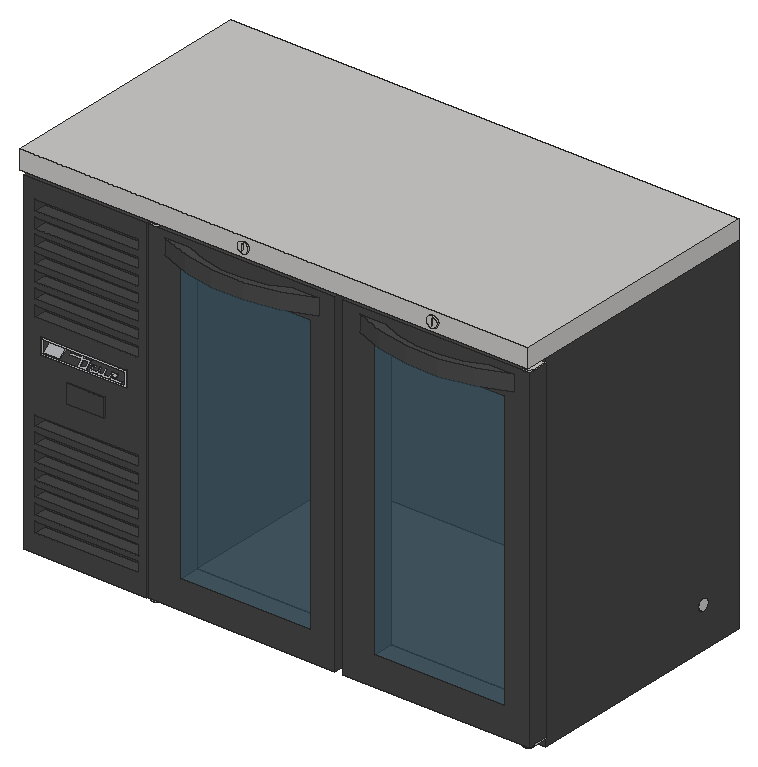
Revit family "QF_TRUE_TBR48-RISZ1-L-B-GG-1", category Specialty Equipment, Revit 2016 (continued)
Definition of nested family "CASTORS & LEGS"
  Definition of nested family "3 INCHES 01_CASTER"
    Forms (in)
      Extrusion 4, solid, visible <- "3 Inches Caster"
        from 2.74918 to 2.90825
      Extrusion 5, solid, visible <- "3 Inches Caster"
        sketch origin (1.98481, 1.35294, -1.7541) x (0, 1, 0) y (0, 0, -1)
          loop
            line (-2.29494, -4.51276) -> (-0.41094, -4.51276) -> (-0.41094, -4.36793)
            arc (-0.41094, -4.36793) -> (-0.15272, -4.31043) -> (0.09371, -4.21426) r 1.73151
            line (0.09371, -4.21426) -> (0.01201, -4.0729)
            arc (0.01201, -4.0729) -> (0.27353, -3.92569) -> (0.51314, -3.745) r 2.25036
            line (0.51314, -3.745) -> (0.4279, -3.62699)
            arc (0.4279, -3.62699) -> (-0.07302, -3.38916) -> (-0.34077, -2.90358) r 0.90376
            arc (-0.34077, -2.90358) -> (-0.35491, -2.84407) -> (-0.37393, -2.78593) r 0.74034
            arc (-0.37393, -2.78593) -> (-0.77704, -2.49744) -> (-1.19616, -2.76214) r 0.44401
            arc (-1.19616, -2.76214) -> (-1.27304, -2.98711) -> (-1.3103, -3.22193) r 1.38462
            arc (-1.3103, -3.22193) -> (-1.58796, -3.87196) -> (-2.2074, -4.21244) r 1.0835
            line (-2.2074, -4.21244) -> (-2.29494, -4.21244) -> (-2.29494, -4.51276)
        from 2.74918 to 2.90825
    Cuts and joins
      joined: Extrusion 2, Extrusion 4, Extrusion 5
    Lines and regions (in)
      symbolic lines, visible <- "3 Inches Caster"
        curve 1: line (0.1877, 1.65194, 0) -> (0.89063, 1.2461, 0)
        curve 2: line (-1.00175, -0.40823, 0) -> (0.1877, 1.65194, 0)
        curve 3: line (-0.29881, -0.81407, 0) -> (-1.00175, -0.40823, 0)
        curve 4: line (0.89063, 1.2461, 0) -> (-0.29881, -0.81407, 0)
    Dimensions and locks (in)
      plane 4 "TOP" to level = 3 1/8"  (x2)
      aligned and locked: level to plane 1
  Definition of nested family "HATCO_4 INCHES_CASTER"
    Parameters (values of type "HATCO_4 INCHES_CASTER")
      URL Manufacturer = ""
      URL Cutsheet = ""
      URL = ""
      Type Mark [instance] = ""
      Specification by User [instance] = ""
      Specification by Manufacturer = ""
      Serial Number = ""
      Seismic Rating = ""
      SMACNA No = ""
      Revision Code [instance] = ""
      Omniclass Number and Title = ""
      NAFEM Spec ID Number = ""
      Model = ""
      Manufacturer = ""
      Item Number [instance] = ""
      Installed By [instance] = ""
      Identify Quantity as Lot [instance] = yes
      Furnished By [instance] = ""
      Foodservice Equipment Identifier [instance] = yes
      Description = ""
      CSI MasterFormat = ""
      CSI Master Format = ""
      Assembly Code = ""
      Show 4 Inches Caster [instance] = yes
    Reference planes (in)
      plane 1: z = 0
      plane 2 "RIGHT": x = 0
      plane 3 "FRONT": y = 0
      plane 4 "TOP": z = 4
    Forms (in)
      Revolve 1, solid, visible <- "Show 4 Inches Caster"
        sketch origin (-1.93794, 0.83816, -1.0041) x (1, 0, 0) y (0, 0, 1)
          loop
            line (0.74055, 2.5041) -> (3.15007, 2.5041) -> (3.15007, 2.5796) -> (3.10007, 2.6296) -> (3.04007, 2.6296) -> (3.04007, 2.74967) -> (2.62438, 2.74967) -> (2.62438, 2.93884) -> (2.48438, 3.01967) -> (2.45908, 3.17597) -> (2.51563, 3.17597) -> (2.51563, 3.41035) -> (2.48438, 3.41035) -> (2.48438, 4.0041) -> (1.375, 4.0041) -> (1.375, 3.41035) -> (1.34375, 3.41035) -> (1.34375, 3.17597) -> (1.4003, 3.17597) -> (1.37557, 3.02318) -> (1.235, 2.94202) -> (1.235, 2.74967) -> (0.85055, 2.74967) -> (0.85055, 2.6296) -> (0.79055, 2.6296) -> (0.74055, 2.5796) -> (0.74055, 2.5041)
          axis (0.74055, 2.5041) -> (3.15007, 2.5041)
        angle from 0 to 360
      Extrusion 2, solid, visible <- "Show 4 Inches Caster"
        sketch origin (-1.93794, 1.80294, -1.7541) x (0, 1, 0) y (0, 0, 1)
          loop
            line (-3.08794, 5.33423) -> (-3.08794, 5.00584) -> (-2.69466, 5.00584)
            arc (-2.69466, 5.00584) -> (-1.57175, 4.94895) -> (-0.46376, 4.75787) r 9.36411
            arc (-0.46376, 4.75787) -> (-0.05889, 4.58436) -> (0.28335, 4.30705) r 1.60049
            line (0.28335, 4.30705) -> (0.34449, 4.39437)
            arc (0.34449, 4.39437) -> (0.12713, 4.6163) -> (-0.1239, 4.79931) r 1.8753
            line (-0.1239, 4.79931) -> (-0.05749, 4.91421)
            arc (-0.05749, 4.91421) -> (-0.33807, 5.05694) -> (-0.64294, 5.13542) r 1.44292
            line (-0.64294, 5.13542) -> (-0.64294, 5.33423) -> (-3.08794, 5.33423)
        from 1.1267 to 2.74918
      Revolve 3, solid, visible <- "Show 4 Inches Caster"
        sketch origin (0, 2.15543, -2.25) x (0, 1, 0) y (0, 0, 1)
          loop
            line (-2.21793, 6.25) -> (-2.21793, 5.83014) -> (-1.05793, 5.83014) -> (-1.05793, 6.25) -> (-2.21793, 6.25)
          axis (-2.21793, 5.83014) -> (-2.21793, 6.25)
        angle from 0 to 360
      Extrusion 4, solid, visible <- "Show 4 Inches Caster"
        sketch origin (-1.93794, 1.80294, -1.7541) x (0, 1, 0) y (0, 0, 1)
          loop
            line (-3.08794, 5.33423) -> (-3.08794, 5.00584) -> (-2.8913, 5.00584)
            arc (-2.8913, 5.00584) -> (-2.09118, 4.14057) -> (-1.45681, 3.14736) r 6.63355
            arc (-1.45681, 3.14736) -> (-0.85703, 2.75969) -> (-0.4561, 3.35069) r 0.5107
            arc (-0.4561, 3.35069) -> (-0.27092, 3.92503) -> (0.24034, 4.24562) r 0.88136
            line (0.24034, 4.24562) -> (0.34449, 4.39437)
            arc (0.34449, 4.39437) -> (0.12713, 4.6163) -> (-0.1239, 4.79931) r 1.8753
            line (-0.1239, 4.79931) -> (-0.05749, 4.91421)
            arc (-0.05749, 4.91421) -> (-0.33807, 5.05694) -> (-0.64294, 5.13542) r 1.44292
            line (-0.64294, 5.13542) -> (-0.64294, 5.33423) -> (-3.08794, 5.33423)
        from 2.74918 to 2.90825
      Extrusion 5, solid, visible <- "Show 4 Inches Caster"
        sketch origin (1.93794, 1.80294, -1.7541) x (0, 1, 0) y (0, 0, -1)
          loop
            line (-3.08794, -5.33423) -> (-0.64294, -5.33423) -> (-0.64294, -5.13542)
            arc (-0.64294, -5.13542) -> (-0.33807, -5.05694) -> (-0.05749, -4.91421) r 1.44292
            line (-0.05749, -4.91421) -> (-0.1239, -4.79931)
            arc (-0.1239, -4.79931) -> (0.12713, -4.6163) -> (0.34449, -4.39437) r 1.8753
            line (0.34449, -4.39437) -> (0.24034, -4.24562)
            arc (0.24034, -4.24562) -> (-0.27092, -3.92503) -> (-0.4561, -3.35069) r 0.88136
            arc (-0.4561, -3.35069) -> (-0.85703, -2.75969) -> (-1.45681, -3.14736) r 0.5107
            arc (-1.45681, -3.14736) -> (-2.09118, -4.14057) -> (-2.8913, -5.00584) r 6.63355
            line (-2.8913, -5.00584) -> (-3.08794, -5.00584) -> (-3.08794, -5.33423)
        from 2.74918 to 2.90825
    Cuts and joins
      joined: Extrusion 2, Extrusion 4, Extrusion 5
    Lines and regions (in)
      symbolic lines, visible <- "Show 4 Inches Caster"
        curve 1: line (0.28481, 2.83041, 0) -> (1.24556, 2.27572, 0)
        curve 2: line (-1.26206, 0.15114, 0) -> (-0.69281, 1.13711, 0)
        curve 3: line (-0.30132, -0.40355, 0) -> (-1.26206, 0.15114, 0)
        curve 4: line (1.24556, 2.27572, 0) -> (0.69868, 1.3285, 0)
        curve 5: line (-0.2461, 1.91084, 0) -> (0.28481, 2.83041, 0)
        curve 6: line (0.19868, 0.46248, 0) -> (-0.30132, -0.40355, 0)
    Dimensions and locks (in)
      plane 4 "TOP" to level = 4"  (x2)
      aligned and locked: level to plane 1
  Definition of nested family "5 INCHES 01_CASTER"
    Parameters (values of type "5 INCHES 01_CASTER")
      Weight = ""
      URL Manufacturer = ""
      URL Cutsheet = ""
      URL = ""
      Type Mark [instance] = ""
      Specification by User [instance] = ""
      Specification by Manufacturer = ""
      Show 5" Casters [instance] = yes
      Serial Number = ""
      Seismic Rating = ""
      SMACNA No = ""
      Revision Code [instance] = ""
      Omniclass Number and Title = ""
      NAFEM Spec ID Number = ""
      Model = ""
      MasterSpec. = ""
      Manufacturer = ""
      Key Locks [instance] = yes
      Item Number [instance] = ""
      Installed By [instance] = ""
      Identify Quantity as Lot [instance] = yes
      Furnished By [instance] = ""
      Foodservice Equipment Identifier [instance] = yes
      Description = ""
      CSI MasterFormat = ""
      CSI Master Format = ""
      Assembly Code = ""
    Reference planes (in)
      plane 1: z = 0
      plane 2 "RIGHT": x = 0
      plane 3 "FRONT": y = 0
      plane 4 "TOP": z = 5
    Forms (in)
      Revolve 1, solid, visible <- "Show 5" Casters"
        sketch origin (-1.93794, 0.99859, -1.0041) x (1, 0, 0) y (0, 0, 1)
          loop
            line (0.74055, 3.0041) -> (0.74055, 2.9286) -> (0.79055, 2.8786) -> (0.85055, 2.8786) -> (0.85055, 2.75852) -> (1.235, 2.75852) -> (1.235, 2.56618) -> (1.37557, 2.48502) -> (1.49133, 1.76972) -> (1.34375, 1.76972) -> (1.34375, 1.53535) -> (1.375, 1.53535) -> (1.375, 1.0041) -> (2.48438, 1.0041) -> (2.48438, 1.53535) -> (2.51563, 1.53535) -> (2.51563, 1.76972) -> (2.36805, 1.76972) -> (2.48438, 2.48853) -> (2.62438, 2.56936) -> (2.62438, 2.75852) -> (3.04007, 2.75852) -> (3.04007, 2.8786) -> (3.10007, 2.8786) -> (3.15007, 2.9286) -> (3.15007, 3.0041) -> (0.74055, 3.0041)
          axis (0.74055, 3.0041) -> (3.15007, 3.0041)
        angle from 0 to 360
      Extrusion 2, solid, visible <- "Show 5" Casters"
        sketch origin (-1.93794, 1.96337, -0.7541) x (0, 1, 0) y (0, 0, 1)
          loop
            line (-3.37739, 5.33423) -> (-3.37739, 4.92712) -> (-2.49294, 4.92712)
            arc (-2.49294, 4.92712) -> (-1.47209, 4.91752) -> (-0.46376, 4.75787) r 6.92153
            arc (-0.46376, 4.75787) -> (0.14199, 4.53396) -> (0.67481, 4.16904) r 2.62713
            line (0.67481, 4.16904) -> (0.7876, 4.33012)
            arc (0.7876, 4.33012) -> (0.48098, 4.5674) -> (0.13288, 4.73811) r 1.91675
            line (0.13288, 4.73811) -> (0.21197, 4.87494)
            arc (0.21197, 4.87494) -> (-0.1576, 5.02102) -> (-0.54934, 5.08775) r 1.91675
            line (-0.54934, 5.08775) -> (-0.54934, 5.33423) -> (-3.37739, 5.33423)
        from 1.17357 to 2.70231
      Revolve 3, solid, visible <- "Show 5" Casters"
        sketch origin (0, 2.15543, -1.25) x (0, 1, 0) y (0, 0, 1)
          loop
            line (-2.21793, 6.25) -> (-2.21793, 5.83014) -> (-1.05793, 5.83014) -> (-1.05793, 6.25) -> (-2.21793, 6.25)
          axis (-2.21793, 5.83014) -> (-2.21793, 6.25)
        angle from 0 to 360
      Extrusion 4, solid, visible <- "Show 5" Casters"
        sketch origin (-1.98481, 1.96337, -0.7541) x (0, 1, 0) y (0, 0, 1)
          loop
            line (-3.37739, 5.33423) -> (-3.37739, 4.92712) -> (-3.13361, 4.92712)
            arc (-3.13361, 4.92712) -> (-2.12623, 3.92533) -> (-1.55834, 2.62307) r 3.79122
            arc (-1.55834, 2.62307) -> (-0.81477, 2.14247) -> (-0.31772, 2.87515) r 0.63314
            arc (-0.31772, 2.87515) -> (-0.02244, 3.67728) -> (0.68637, 4.15498) r 1.39003
            line (0.68637, 4.15498) -> (0.7876, 4.33012)
            arc (0.7876, 4.33012) -> (0.48098, 4.5674) -> (0.13288, 4.73811) r 1.91675
            line (0.13288, 4.73811) -> (0.21197, 4.87494)
            arc (0.21197, 4.87494) -> (-0.1576, 5.02102) -> (-0.54934, 5.08775) r 1.91675
            line (-0.54934, 5.08775) -> (-0.54934, 5.33423) -> (-3.37739, 5.33423)
        from 2.74918 to 2.90825
      Extrusion 5, solid, visible <- "Show 5" Casters"
        sketch origin (1.98481, 1.96337, -0.7541) x (0, 1, 0) y (0, 0, -1)
          loop
            line (-3.37739, -5.33423) -> (-0.54934, -5.33423) -> (-0.54934, -5.08775)
            arc (-0.54934, -5.08775) -> (-0.1576, -5.02102) -> (0.21197, -4.87494) r 1.91675
            line (0.21197, -4.87494) -> (0.13288, -4.73811)
            arc (0.13288, -4.73811) -> (0.48098, -4.5674) -> (0.7876, -4.33012) r 1.91675
            line (0.7876, -4.33012) -> (0.68637, -4.15498)
            arc (0.68637, -4.15498) -> (-0.02244, -3.67728) -> (-0.31772, -2.87515) r 1.39003
            arc (-0.31772, -2.87515) -> (-0.81477, -2.14247) -> (-1.55834, -2.62307) r 0.63314
            arc (-1.55834, -2.62307) -> (-2.12623, -3.92533) -> (-3.13361, -4.92712) r 3.79122
            line (-3.13361, -4.92712) -> (-3.37739, -4.92712) -> (-3.37739, -5.33423)
        from 2.74918 to 2.90825
    Cuts and joins
      joined: Extrusion 2, Extrusion 4, Extrusion 5
    Lines and regions (in)
      symbolic lines, visible <- "Show 5" Casters"
        curve 1: line (0.54262, 2.21348, 0) -> (1.50337, 1.65879, 0)
        curve 2: line (-1.45738, -1.25062, 0) -> (-0.70738, 0.04842, 0)
        curve 3: line (-0.49663, -1.80531, 0) -> (-1.45738, -1.25062, 0)
        curve 4: line (1.50337, 1.65879, 0) -> (0.75337, 0.35975, 0)
        curve 5: line (-0.20738, 0.91444, 0) -> (0.54262, 2.21348, 0)
        curve 6: line (0.25337, -0.50627, 0) -> (-0.49663, -1.80531, 0)
    Dimensions and locks (in)
      plane 4 "TOP" to level = 5"  (x2)
      aligned and locked: level to plane 1
  Definition of nested family "7-8 INCHES_CASTER"
    Parameters (values of type "7-8 INCHES_CASTER")
      Weight = ""
      URL Manufacturer = ""
      URL Cutsheet = ""
      URL = ""
      Type Mark [instance] = ""
      Specification by User [instance] = ""
      Specification by Manufacturer = ""
      Serial Number = ""
      Seismic Rating = ""
      SMACNA No = ""
      Revision Code [instance] = ""
      Omniclass Number and Title = ""
      NAFEM Spec ID Number = ""
      Model = ""
      MasterSpec. = ""
      Manufacturer = ""
      Item Number [instance] = ""
      Installed By [instance] = ""
      Identify Quantity as Lot [instance] = yes
      Furnished By [instance] = ""
      Foodservice Equipment Identifier [instance] = yes
      Description = ""
      CSI MasterFormat = ""
      CSI Master Format = ""
      Assembly Code = ""
      2.5 Inches Caster [instance] = yes
    Reference planes (in)
      plane 1: z = 0
      plane 2 "RIGHT": x = 0
      plane 3 "FRONT": y = 0
      plane 4 "TOP": z = 2.125
      plane 5: z = 0.875
    Forms (in)
      Revolve 1, solid, visible <- "2.5 Inches Caster"
        sketch origin (-1.93794, 0.16358, -1.0041) x (1, 0, 0) y (0, 0, 1)
          loop
            line (2.21963, 1.0041) -> (2.21963, 1.07441) -> (2.16308, 1.07441) -> (2.17665, 1.15827) -> (2.27369, 1.21429) -> (2.27369, 1.29531) -> (1.60219, 1.29531) -> (1.60219, 1.21429) -> (1.69923, 1.15827) -> (1.7128, 1.07441) -> (1.65625, 1.07441) -> (1.65625, 1.0041) -> (2.21963, 1.0041)
          axis (2.27369, 1.29531) -> (1.60219, 1.29531)
        angle from 0 to 360
      Extrusion 2, solid, visible <- "2.5 Inches Caster"
        sketch origin (-1.93794, 1.43296, -4.66527) x (0, 1, 0) y (0, 0, 1)
          loop
            line (-1.16673, 5.3791) -> (-1.71584, 5.3791) -> (-1.71584, 5.33314) -> (-1.62354, 5.33314)
            arc (-1.62354, 5.33314) -> (-1.55924, 5.29737) -> (-1.50495, 5.24769) r 0.31579
            line (-1.50495, 5.24769) -> (-0.93687, 5.24769)
            arc (-0.93687, 5.24769) -> (-0.98865, 5.28224) -> (-1.04346, 5.31172) r 0.65588
            line (-1.04346, 5.31172) -> (-1.01965, 5.35291)
            arc (-1.01965, 5.35291) -> (-1.09203, 5.3725) -> (-1.16673, 5.3791) r 0.4262
        from 1.60219 to 2.27369
      Revolve 3, solid, visible <- "2.5 Inches Caster"
        sketch origin (0, 1.73858, -5) x (0, 1, 0) y (0, 0, 1)
          loop
            line (-1.73858, 5.71382) -> (-1.35578, 5.71382) -> (-1.35578, 5.875) -> (-1.73858, 5.875) -> (-1.73858, 5.71382)
          axis (-1.73858, 5.71382) -> (-1.73858, 5.875)
        angle from 0 to 360
      Extrusion 4, solid, visible <- "2.5 Inches Caster"
        sketch origin (0.33575, 1.43296, -4.66527) x (0, 1, 0) y (0, 0, 1)
          loop
            line (-1.71584, 5.3791) -> (-1.71584, 5.33314) -> (-1.62354, 5.33314)
            arc (-1.62354, 5.33314) -> (-1.48788, 5.22611) -> (-1.42886, 5.06369) r 0.31579
            arc (-1.42886, 5.06369) -> (-1.418, 4.99525) -> (-1.39559, 4.92968) r 0.40356
            arc (-1.39559, 4.92968) -> (-1.27344, 4.85253) -> (-1.15595, 4.93662) r 0.12941
            arc (-1.15595, 4.93662) -> (-1.1504, 4.95356) -> (-1.14628, 4.97091) r 0.21578
            arc (-1.14628, 4.97091) -> (-1.06824, 5.11243) -> (-0.92225, 5.18175) r 0.26341
            line (-0.92225, 5.18175) -> (-0.8974, 5.21614)
            arc (-0.8974, 5.21614) -> (-0.96724, 5.26881) -> (-1.04346, 5.31172) r 0.65588
            line (-1.04346, 5.31172) -> (-1.01965, 5.35291)
            arc (-1.01965, 5.35291) -> (-1.09203, 5.3725) -> (-1.16673, 5.3791) r 0.4262
            line (-1.16673, 5.3791) -> (-1.71584, 5.3791)
        from 0 to 0.0625
      Extrusion 5, solid, visible <- "2.5 Inches Caster"
        sketch origin (-0.33575, 1.43296, -4.66527) x (0, -1, 0) y (0, 0, 1)
          loop
            line (1.71584, 5.3791) -> (1.16673, 5.3791)
            arc (1.16673, 5.3791) -> (1.09203, 5.3725) -> (1.01965, 5.35291) r 0.4262
            line (1.01965, 5.35291) -> (1.04346, 5.31172)
            arc (1.04346, 5.31172) -> (0.96724, 5.26881) -> (0.8974, 5.21614) r 0.65588
            line (0.8974, 5.21614) -> (0.92225, 5.18175)
            arc (0.92225, 5.18175) -> (1.06824, 5.11243) -> (1.14628, 4.97091) r 0.26341
            arc (1.14628, 4.97091) -> (1.1504, 4.95356) -> (1.15595, 4.93662) r 0.21578
            arc (1.15595, 4.93662) -> (1.27344, 4.85253) -> (1.39559, 4.92968) r 0.12941
            arc (1.39559, 4.92968) -> (1.418, 4.99525) -> (1.42886, 5.06369) r 0.40356
            arc (1.42886, 5.06369) -> (1.48788, 5.22611) -> (1.62354, 5.33314) r 0.31579
            line (1.62354, 5.33314) -> (1.71584, 5.33314) -> (1.71584, 5.3791)
        from 0 to 0.0625
    Lines and regions (in)
      symbolic lines, visible <- "2.5 Inches Caster"
        curve 1: line (0.14193, 0.81567, 0) -> (0.64448, 0.52552, 0)
        curve 2: line (-0.51849, -0.32822, 0) -> (0.14193, 0.81567, 0)
        curve 3: line (-0.01594, -0.61837, 0) -> (-0.51849, -0.32822, 0)
        curve 4: line (0.64448, 0.52552, 0) -> (-0.01594, -0.61837, 0)
    Dimensions and locks (in)
      plane 4 "TOP" to level = 2 1/8"  (x2)
      plane 5 to plane 1 = 7/8"
      aligned and locked: level to plane 1
  Definition of nested family "6 INCHES 02_CASTER"
    Parameters (values of type "6 INCHES 02_CASTER")
      Weight = ""
      URL Manufacturer = ""
      URL Cutsheet = ""
      URL = ""
      Type Mark [instance] = ""
      Specification by User [instance] = ""
      Specification by Manufacturer = ""
      Show Casters [instance] = yes
      Serial Number = ""
      Seismic Rating = ""
      SMACNA No = ""
      Revision Code [instance] = ""
      Omniclass Number and Title = ""
      NAFEM Spec ID Number = ""
      Model = ""
      MasterSpec. = ""
      Manufacturer = ""
      Item Number [instance] = ""
      Installed By [instance] = ""
      Identify Quantity as Lot [instance] = yes
      Furnished By [instance] = ""
      Foodservice Equipment Identifier [instance] = yes
      Description = ""
      CSI MasterFormat = ""
      CSI Master Format = ""
    Reference planes (in)
      plane 1 "BACK": y = 0
      plane 2: z = 0
      plane 3 "LEFT": x = 0
      plane 4 "RIGHT": x = 0
      plane 5 "FRONT": y = 0
      plane 6 "TOP": z = 6.0625
    Forms (in)
      Revolve 1, solid, visible <- "Show Casters"
        sketch origin (-2.21793, 0, -0.25) x (-1, 0, 0) y (0, 0, 1)
          loop
            line (-2.21793, 6) -> (-2.21793, 5.55584) -> (-0.93693, 5.55584) -> (-0.93693, 6) -> (-2.21793, 6)
          axis (-2.21793, 5.55584) -> (-2.21793, 6)
        angle from 0 to 360
      Extrusion 2, solid, visible <- "Show Casters"
        sketch origin (0.25594, 2.08988, -0.1875) x (0, 1, 0) y (0, 0, 1)
          loop
            line (-3.37793, 5.49334) -> (-3.37793, 5.24334) -> (-1.67236, 2.30765)
            arc (-1.67236, 2.30765) -> (-0.65502, 1.97635) -> (-0.25363, 2.96812) r 0.78437
            line (-0.25363, 2.96812) -> (-0.80182, 5.49334) -> (-3.37793, 5.49334)
        from 0.78968 to 0.90247
      Extrusion 3, solid, visible <- "Show Casters"
        sketch origin (0, 0, 5.75) x (0, 1, 0) y (-1, 0, 0)
          loop
            circle (0, 0) r 0.75
        from 0 to 0.3125
      Extrusion 4, solid, visible <- "Show Casters"
        sketch origin (-0.25594, 2.08988, -0.1875) x (0, 1, 0) y (0, 0, -1)
          loop
            line (-3.37793, -5.24334) -> (-3.37793, -5.49334) -> (-0.80182, -5.49334) -> (-0.25363, -2.96812)
            arc (-0.25363, -2.96812) -> (-0.65502, -1.97635) -> (-1.67236, -2.30765) r 0.78437
            line (-1.67236, -2.30765) -> (-3.37793, -5.24334)
        from 0.78968 to 0.90247
      Extrusion 5, solid, visible <- "Show Casters"
        sketch origin (0, -0.12806, 0.75) x (0, 1, 0) y (0, 0, 1)
          loop
            line (-1.16, 4.55584) -> (-1.16, 4.30584) -> (1.41611, 4.30584) -> (1.41611, 4.55584) -> (-1.16, 4.55584)
        from -1.04562 to 1.04562
      Revolve 6, solid, visible <- "Show Casters"
        sketch origin (-1.9375, 1.11772, -0.12802) x (1, 0, 0) y (0, 0, 1)
          loop
            line (0.5843, 2.5666) -> (0.5843, 2.4286) -> (0.6343, 2.3786) -> (0.6943, 2.3786) -> (0.6943, 2.2429) -> (1.1725, 2.2429) -> (1.1725, 1.84743) -> (1.30191, 1.77271) -> (1.42647, 1.00302) -> (1.28125, 1.00302) -> (1.28125, 0.75302) -> (1.3125, 0.75302) -> (1.3125, 0.50302)
            arc (1.3125, 0.50302) -> (1.42233, 0.23785) -> (1.6875, 0.12802) r 0.375
            line (1.6875, 0.12802) -> (2.1875, 0.12802)
            arc (2.1875, 0.12802) -> (2.45267, 0.23785) -> (2.5625, 0.50302) r 0.375
            line (2.5625, 0.50302) -> (2.5625, 0.75302) -> (2.59375, 0.75302) -> (2.59375, 1.00302) -> (2.44853, 1.00302) -> (2.57366, 1.77622) -> (2.7025, 1.85061) -> (2.7025, 2.2429) -> (3.1807, 2.2429) -> (3.1807, 2.3786) -> (3.2407, 2.3786) -> (3.2907, 2.4286) -> (3.2907, 2.5666) -> (0.5843, 2.5666)
          axis (0.5843, 2.5666) -> (3.2907, 2.5666)
        angle from 0 to 360
    Cuts and joins
      joined: Extrusion 2, Extrusion 4, Extrusion 5
    Lines and regions (in)
      symbolic lines, visible <- "Show Casters"
        curve 1: line (0.45873, 2.04243, 0) -> (1.54127, 1.41743, 0)
        curve 2: line (-1.54127, -1.42167, 0) -> (-0.79127, -0.12263, 0)
        curve 3: line (-0.45873, -2.04667, 0) -> (-1.54127, -1.42167, 0)
        curve 4: line (1.54127, 1.41743, 0) -> (0.79127, 0.11839, 0)
        curve 5: line (-0.29127, 0.74339, 0) -> (0.45873, 2.04243, 0)
        curve 6: line (0.29127, -0.74763, 0) -> (-0.45873, -2.04667, 0)
    Dimensions and locks (in)
      plane 6 "TOP" to level = 6 1/16"
      locked: plane 6 "TOP" to level at 6.0625
      aligned and locked: level to plane 2
